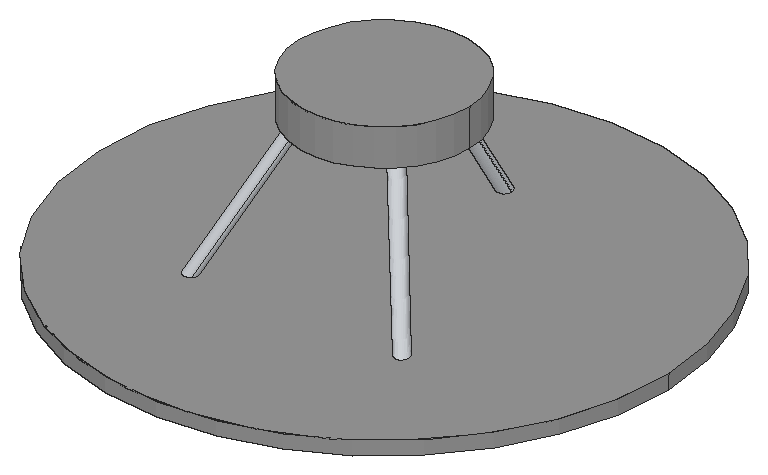
Revit family "URANUS_60W_4000K_5580LM_800DIAM", category Lighting Fixtures, host Ceiling, Revit 2021
Family settings
  Host = Ceiling
  Round Connector Dimension = Use Diameter
  Part Type = Normal
  OmniClass Number = 23.80.70.11
  OmniClass Title = Luminaries for Internal Lighting
  Always vertical = Yes
  Cut with Voids When Loaded = No
  Light Source = Yes
  Shared = No
  Room Calculation Point = No
Parameters (values of type "Type 1")
  Wattage = 40.3926 W
  built-in parameter 1150110 = 1 (stored number, unit not read)
  Type de lampe = "SMD 2835 LM-80"
  Type = "Suspension"
  built-in parameter 1114217 = 1 (stored number, unit not read)
  Tilt Angle = 90.00°
  built-in parameter 1150109 = 1 (stored number, unit not read)
  built-in parameter 1150134 = 12
  built-in parameter 1150113 = 1 (stored number, unit not read)
  Puissance nominale = "60W"
  Photometric Web File = "google_eulumdat_converter (12).ies"
  Matériau = "Aluminium"
  Lumens = 6000 lm
  built-in parameter 1150115 = 1 (stored number, unit not read)
  built-in parameter 1150105 = 477.46 (stored number, unit not read)
  Longueur filins de suspension = "1900 mm"
  built-in parameter 1150137 = (empty or 0)
  built-in parameter 1150139 = (empty or 0)
  built-in parameter 1150112 = 1 (stored number, unit not read)
  built-in parameter 1150114 = 1 (stored number, unit not read)
  built-in parameter 1150132 = 2
  built-in parameter 1150102 = (empty or 0)
  built-in parameter 1150138 = (empty or 0)
  built-in parameter 1150107 = 4000 (stored number, unit not read)
  built-in parameter 1150106 = 4.7746 (stored number, unit not read)
  IRC = ">80"
  Fintion = "Blanc texturé"
  Emit from Circle Diameter = 609.6 mm
  Emit Shape Visible in Rendering = no
  built-in parameter 1150104 = 13.8 (stored number, unit not read)
  Durée de vie = "50 000 heures"
  Driver = "Driver Lifud"
  Dimming Lamp Color Temperature Shift = <None>
  Dimensions = "ø 800 mm; H : 20 mm"
  Default Elevation = 0 mm
  Color Filter = 16777215
  built-in parameter 1114218 = 1 (stored number, unit not read)
  built-in parameter 1150133 = 10 (stored number, unit not read)
  Angle d'éclairage = "120°"
  Alimentation luminaire = "1500mA / 27-42V"
  Alimentation Driver = "AC 200-240 V"
Reference planes
  plane 1 "Light Source Axis (F/B)": y = 0
  plane 2: z = 0
  plane 3 "Light Source Axis (L/R)": x = 0
  plane 4 "Ceiling": z = 4000
  plane 5 "Light Source Elevation": z = 3739.552
Forms (mm)
  Extrusion 1, solid, material "Aluminum, Blanc texturé"
    sketch origin (0, 0, 4000) x (0, 1, 0) y (-1, 0, 0)
      loop
        circle (0, 0) r 400
    from -257.5 to -237.5
  Extrusion 2, void
    sketch origin (0, 0, 4000) x (0, 1, 0) y (-1, 0, 0)
      loop
        circle (0, 0) r 375
    from -452.028 to -243.496
  Extrusion 3, solid, material "Glass, White, High Luminance"
    sketch origin (0, 0, 4000) x (0, 1, 0) y (-1, 0, 0)
      loop
        circle (0, 0) r 375
    from -257.5 to -254.495
  Extrusion 4, solid, material "Aluminum, Blanc texturé"
    sketch origin (0, 0, 4000) x (0, 1, 0) y (-1, 0, 0)
      loop
        circle (0, 0) r 120
    from -52.283 to 0
  Blend 5, solid
    base sketch origin (20.766, -11.354, 4000) x (-0.669131, 0.743145, 0) y (-0.743145, -0.669131, 0)
      loop
        circle (-187.094, 1.194) r 10
    top sketch origin (20.766, -11.354, 4000) x (-0.669131, 0.743145, 0) y (-0.743145, -0.669131, 0)
      loop
        circle (-69.632, 0) r 10
    from -237.5 to -52.283
  Blend 6, solid
    base sketch origin (1.636, 21.27, 4000) x (0, 1, 0) y (-1, 0, 0)
      loop
        circle (188.687, 0.818) r 10
    top sketch origin (1.636, 21.27, 4000) x (0, 1, 0) y (-1, 0, 0)
      loop
        circle (69.632, 0) r 10
    from -237.5 to -52.283
  Blend 7, solid
    base sketch origin (-20.766, -11.354, 4000) x (-0.669131, -0.743145, 0) y (0.743145, -0.669131, 0)
      loop
        circle (190.994, -2.978) r 10
    top sketch origin (-20.766, -11.354, 4000) x (-0.669131, -0.743145, 0) y (0.743145, -0.669131, 0)
      loop
        circle (69.632, 0) r 10
    from -237.5 to -52.283
Cuts and joins
  Extrusion 2 cuts Extrusion 1
Lines and regions (mm)
  reference lines
    curve 1: line (0, 0, 3750) -> (0, 0, 3762.5)
    curve 2: line (0, 0, 4000) -> (0, 0, 2100)
    curve 3: line (0, 0, 2100) -> (-60, 0, 2100)
    curve 4: line (0, 0, 4000) -> (250, 0, 4000)
    curve 5: line (250, 0, 4000) -> (250, 40, 4000)
    curve 6: line (0, 0, 4000) -> (300, 0, 4000)
    curve 7: line (300, 0, 4000) -> (300, 20, 4000)
    curve 8: line (0, 0, 3762.5) -> (0, 0, 3742.5)
    curve 9: line (0, 0, 3762.5) -> (0, 0, 3742.5)
Dimensions and locks
  equal spacing: host sketch curve, plane 3 "Light Source Axis (L/R)", host sketch curve
  equal spacing: host sketch curve, plane 1 "Light Source Axis (F/B)", host sketch curve
  host sketch curve to host sketch curve = 4000 mm  (x2)
  plane 4 "Ceiling" to host ceiling = 0 mm
  aligned and locked: plane 1 "Light Source Axis (F/B)" to imposter light
  aligned and locked: plane 5 "Light Source Elevation" to imposter light
